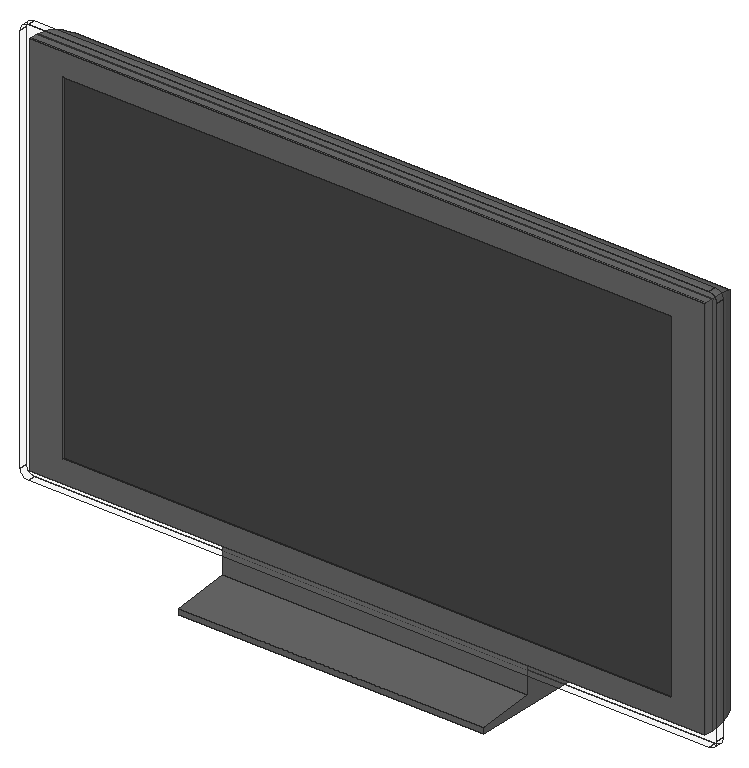
Revit family "TV - Flat Screen", category Furniture, Revit 2018
Family settings
  Work Plane-Based = No
  Always vertical = Yes
  Cut with Voids When Loaded = No
  Shared = No
  Room Calculation Point = No
Parameters (values of type "50"")
  SinAng = (sin(29.36°) * 0.03937")  # 0.0193"
  Stand [instance] = yes
  L = (Diagonal / 0.03937") * CosAng  # 43.57782"
  H = (Diagonal / 0.03937") * SinAng  # 24.51477"
  Thickness = 4.33071"
  Diagonal = 50"
  CosAng = (cos(29.36°) * 0.03937")  # 0.03431"
Types (6): name | L | H | Diagonal
  (no name) | 43.57782" | 24.51477" | 50"
  32" | 27.79372" | 15.6354" | 31.88976"
  37" | 32.25445" | 18.14479" | 37.00787"
  42" | 36.71517" | 20.65418" | 42.12598"
  46" | 40.83276" | 22.97053" | 46.85039"
  50" | 43.57782" | 24.51477" | 50"
Reference planes (in)
  plane 1 "Back": y = 2.30467
  plane 2: z = 0
  plane 3 "Center (Left/Right)": x = -0.1553
  plane 4: x = -21.9442
  plane 5: x = 21.63361
  plane 6: z = 4.72441
  plane 7: z = 29.23918
  plane 8: z = 16.98179
  plane 9: y = -2.02604
  plane 10: x = -11.04975
  plane 11: x = 10.73916
Forms (in)
  Extrusion 1, solid, material "TV - Black"
    sketch origin (0, 2.30467, 0) x (1, 0, 0) y (0, 0, 1)
      loop
        line (-24.30641, 30.81398) -> (-24.30641, 3.14961) -> (23.99582, 3.14961) -> (23.99582, 30.81398) -> (-24.30641, 30.81398)
    from 0 to 4.33071
  Sweep 2, void
    path in 3D
      loop
        line (23.99582, -2.02604, 3.14961) -> (23.99582, -2.02604, 30.81398) -> (-24.30641, -2.02604, 30.81398) -> (-24.30641, -2.02604, 3.14961)
    profile origin (-24.30641, -2.02604, 16.98179) x (-1, 0, 0) y (0, -1, 0)
      loop
        arc (0, 0) -> (-1.26844, -3.06227) -> (-4.33071, -4.33071) r 4.33071
        line (-4.33071, -4.33071) -> (0, -4.33071) -> (0, 0)
  Extrusion 3, solid, material "TV - Glass"
    sketch origin (62.33472, -2.02604, 47.24409) x (1, 0, 0) y (0, 0, 1)
      loop
        arc (-86.83798, -15.64271) -> (-87.25556, -15.81568) -> (-87.42853, -16.23326) r 0.59055
        line (-87.42853, -16.23326) -> (-87.42853, -44.29134)
        arc (-87.42853, -44.29134) -> (-87.25556, -44.70892) -> (-86.83798, -44.88189) r 0.59055
        line (-86.83798, -44.88189) -> (-38.14205, -44.88189)
        arc (-38.14205, -44.88189) -> (-37.72447, -44.70892) -> (-37.5515, -44.29134) r 0.59055
        line (-37.5515, -44.29134) -> (-37.5515, -16.23326)
        arc (-37.5515, -16.23326) -> (-37.72447, -15.81568) -> (-38.14205, -15.64271) r 0.59055
        line (-38.14205, -15.64271) -> (-86.83798, -15.64271)
      loop
        line (-86.64112, -16.43011) -> (-86.64112, -44.09449) -> (-38.3389, -44.09449) -> (-38.3389, -16.43011) -> (-86.64112, -16.43011)
    from 0 to 0.59055
  Extrusion 4, solid, material "TV - Black"
    sketch origin (62.33472, -2.02604, 47.24409) x (1, 0, 0) y (0, 0, 1)
      loop
        line (-86.64112, -16.43011) -> (-86.64112, -44.09449) -> (-38.3389, -44.09449) -> (-38.3389, -16.43011) -> (-86.64112, -16.43011)
    from 0 to 0.70866
  Extrusion 5, void
    sketch origin (62.33472, -2.02604, 47.24409) x (-1, 0, 0) y (0, 0, 1)
      loop
        line (40.7011, -18.00491) -> (40.7011, -42.51969) -> (84.27892, -42.51969) -> (84.27892, -18.00491) -> (40.7011, -18.00491)
    from -0.59055 to -1.1811
  Extrusion 6, solid, material "TV - Black", visible <- "Stand"
    sketch origin (-11.04975, -60, -7.34856) x (0, 0, -1) y (0, -1, 0)
      loop
        line (-7.34856, -57.97396) -> (-10.49817, -57.97396) -> (-10.49817, -59.94247) -> (-7.34856, -61.91097) -> (-7.34856, -57.97396)
    from 0 to -21.78891
  Extrusion 7, solid, material "TV - Black", visible <- "Stand"
    sketch origin (-11.04975, -60, -7.34856) x (0, 0, -1) y (0, -1, 0)
      loop
        line (-7.34856, -54.03695) -> (-7.74226, -54.03695) -> (-8.13596, -57.97396) -> (-7.34856, -57.97396) -> (-7.34856, -54.03695)
    from 0 to -21.78891
Cuts and joins
  Sweep 2, Extrusion 5 cuts Extrusion 1
  Extrusion 5 cuts Extrusion 3
  Extrusion 5 cuts Extrusion 4
  joined: Extrusion 6, Extrusion 7
Lines and regions (in)
  sketch lines
    curve 1: line (-24.30641, -2.02604, 30.81398) -> (-24.30641, -2.02604, 3.14961)
    curve 2: line (23.99582, -2.02604, 30.81398) -> (-24.30641, -2.02604, 30.81398)
    curve 3: line (23.99582, -2.02604, 3.14961) -> (23.99582, -2.02604, 30.81398)
  model lines, detail levels medium+fine
    curve 4: line (-22.3379, -2.7347, 4.33071) -> (-23.12531, -2.7347, 4.33071)
    curve 5: line (-22.3379, -2.7347, 3.54331) -> (-22.3379, -2.7347, 4.33071)
    curve 6: line (-23.12531, -2.7347, 3.54331) -> (-22.3379, -2.7347, 3.54331)
    curve 7: line (-23.12531, -2.7347, 4.33071) -> (-23.12531, -2.7347, 3.54331)
Dimensions and locks (in)
  equal spacing: plane 7, plane 8, plane 6
  "H": plane 7 to plane 6
  equal spacing: plane 5, plane 3 "Center (Left/Right)", plane 4
  "L": plane 5 to plane 4
  locked: plane 4 to Extrusion 1 sketch curve at 2.3622
  locked: Extrusion 1 sketch curve to plane 5 at 2.3622
  locked: Extrusion 1 sketch curve to plane 7 at 1.5748
  locked: plane 6 to Extrusion 1 sketch curve at 1.5748
  "Thickness": plane 9 to plane 1 "Back"
  locked: Extrusion 3 sketch curve to plane 7 at 2.3622
  locked: plane 6 to Extrusion 3 sketch curve at 2.3622
  locked: plane 4 to Extrusion 3 sketch curve at 3.14961
  locked: Extrusion 3 sketch curve to plane 5 at 3.14961
  locked: plane 4 to Extrusion 4 sketch curve at 2.3622
  locked: Extrusion 4 sketch curve to plane 5 at 2.3622
  locked: Extrusion 4 sketch curve to plane 7 at 1.5748
  locked: plane 6 to Extrusion 4 sketch curve at 1.5748
  locked: Extrusion 3 sketch curve to plane 7 at 1.5748
  locked: plane 6 to Extrusion 3 sketch curve at 1.5748
  locked: plane 4 to Extrusion 3 sketch curve at 2.3622
  locked: Extrusion 3 sketch curve to plane 5 at 2.3622
  equal spacing: plane 3 "Center (Left/Right)", plane 10, plane 4
  equal spacing: plane 5, plane 11, plane 3 "Center (Left/Right)"
  locked: Extrusion 6 sketch curve to plane 6 at 1.5748
  locked: plane 9 to Extrusion 6 sketch curve at 3.93701
  locked: Extrusion 7 sketch curve to plane 2 at 0.3937
  locked: Extrusion 7 sketch curve to plane 2 at 0.7874
  "Thickness": radius of Sweep 2 sketch curve
  aligned and locked: plane 9 to Extrusion 1
  aligned and locked: profile plane to Sweep 2 sketch curve
  aligned and locked: Sweep 2 sketch curve to plane 1 "Back"
  aligned and locked: Extrusion 5 sketch curve to plane 5
  aligned and locked: Extrusion 5 sketch curve to plane 7
  aligned and locked: plane 4 to Extrusion 5 sketch curve
  aligned and locked: Extrusion 5 sketch curve to plane 6
  aligned and locked: Extrusion 6 sketch curve to plane 9
  aligned and locked: plane 2 to Extrusion 6 sketch curve
  aligned and locked: Extrusion 6 to plane 11
  aligned and locked: Extrusion 7 to plane 11
  aligned and locked: Extrusion 7 sketch curve to plane 2
Automatic sketch dimensions
  Sweep 2 sketch curve to profile plane = 0"  (x3)
  Sweep 2 sketch curve to Sweep 2 sketch curve = 0"
  Extrusion 3 sketch curve to Extrusion 3 sketch curve = 0.59055"  (x4)
  curve 6 to curve 6 = 0.7874"
  curve 6 to Extrusion 4 = 0.3937"
  curve 5 to curve 5 = 0.7874"
  curve 4 to Extrusion 4 = 1.1811"
  plane 1 "Back" to Extrusion 6 sketch curve = 2.3622"
  Extrusion 7 sketch curve to plane 9 = 0"
  plane 9 to Extrusion 7 sketch curve = 3.93701"
